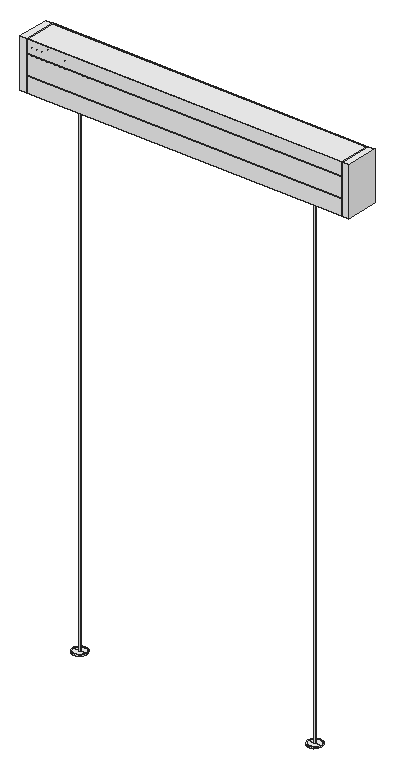
Revit family "2.3 inch  MAGIC WALL WASH LINEAR LIGHT", category Lighting Fixtures, host Face, Revit 2020 (continued)
Types (17): name | Wattage Comments | Wattage | Wall Mount | Suspenders Distance | Surface Mount | Recessed Mount | Photometric Web File | Pendent Mount | Order number | built-in parameter 1150142 | Model | built-in parameter 1150105 | Lumens | Light Source Height | Light Source Distance | built-in parameter 1150106 | Fixture Length
    951.30   \r\n 938.62   926.04   913.42   900.83   888.35   876.37   864.53   852.78   841.41   830.14   \r\n 819.06   808.41   797.83   787.39   777.13   766.95   756.92   747.08   737.30   727.84   \r\n 718.70   709.63   700.52   691.34   681.99   671.53   661.38   651.29   641.29   631.40   \r\n 621.61   611.88   602.18   592.58   583.18   574.22   565.32   556.50   547.71   539.00   \r\n 530.35   521.79   513.31   504.91   496.57   488.25   480.00   471.82   464.20   456.65   \r\n 449.17   441.56   433.83   426.17   418.58   410.89   402.70   394.58   386.51   378.41   \r\n 370.38   362.42   354.54   346.72   338.96   331.28   323.68   316.17   308.72   301.32   \r\n 293.99   286.76   279.60   272.50   265.46   258.50   251.62   244.79   238.00   231.27   \r\n 224.53   217.79   211.11   204.48   197.90   191.38   184.96   178.62   172.31   166.03   \r\n 159.79   153.58   147.40   141.22   135.07   128.96   122.89   116.84   110.83   104.85   \r\n 98.89    93.70    89.14    84.60    80.07    75.56    71.06    66.57    62.10    57.64    \r\n 53.18    48.74    44.31    39.88    35.46    31.04    26.63    22.22    17.81    13.40    \r\n 9.00     8.57     8.15     7.72     7.29     6.87     6.44     6.01     5.59     5.17     \r\n 4.74     4.32     3.90     3.48     3.07     2.66     2.25     1.84     1.43     1.03     \r\n 0.83     0.87     0.91     0.95     0.98     1.02     1.06     1.10     1.14     1.18     \r\n 1.22     1.26     1.30     1.34     1.38     1.42     1.46     1.51     1.55     1.59     \r\n 1.63     1.68     1.72     1.77     1.81     1.86     1.90     1.94     1.99     2.03     \r\n 2.08     2.12     2.17     2.22     2.27     2.32     2.37     2.42     2.47     2.51     \r\n 2.56     2.60     2.65     2.70     2.75     2.79     2.84     2.89     2.93     2.98     \r\n 3.02     3.06     3.11     3.15     3.20     3.24     3.29     3.33     3.37     3.41     \r\n 3.46     3.50     3.54     3.58     3.63     3.67     3.71     3.75     3.79     3.83     \r\n 3.87     3.90     3.94     3.98     4.02     4.06     4.09     4.12     4.14     4.16     \r\n 4.18     4.20     4.22     4.24     4.26     4.28     4.30     4.32     4.33     4.35     \r\n 4.36     4.38     4.39     4.40     4.42     4.43     4.45     4.46     4.47     4.49     \r\n 4.50     4.52     4.53     4.54     4.56     4.57     4.58     4.59     4.61     4.62     \r\n 4.63     4.64     4.65     4.66     4.67     4.67     4.67     4.66     4.66     4.65     \r\n 4.64     4.64     4.63     4.62     4.61     4.60     4.59     4.58     4.57     4.56     \r\n 4.55     4.54     4.53     4.52     4.50     4.49     4.47     4.46     4.45     4.44     \r\n 4.42     4.41     4.39     4.37     4.35     4.34     4.32     4.31     4.29     4.26     \r\n 4.24     4.23     4.21     4.20     4.18     4.16     4.13     4.10     4.07     4.05     \r\n 4.26     \r\n1793.11  1780.58  1768.10  1755.09  1741.65  1728.26  1714.93  1701.59  1688.22  1674.87  \r\n 1661.48  1647.83  1634.16  1619.92  1605.57  1591.06  1576.19  1561.39  1546.00  1530.57  \r\n 1515.10  1499.55  1484.07  1468.03  1452.05  1436.17  1420.32  1404.45  1388.13  1371.88  \r\n 1355.44  1338.85  1322.29  1305.64  1289.01  1272.86  1256.99  1241.15  1225.34  1209.58  \r\n 1194.54  1179.83  1165.07  1150.21  1135.42  1121.40  1107.76  1094.15  1080.57  1066.99  \r\n 1054.44  1039.77  1024.86  1009.61  994.49   980.22   966.58   953.04   939.35   925.76   \r\n 912.59   899.87   887.22   874.79   862.48   850.45   838.94   827.50   816.26   805.14   \r\n 794.11   783.39   772.75   762.41   752.46   742.58   732.67   722.77   712.95   703.42   \r\n 693.99   684.74   675.70   666.71   657.69   648.69   639.73   631.38   623.16   615.00   \r\n 606.86   597.86   588.36   578.89   569.51   560.26   551.14   542.09   533.35   524.91   \r\n 516.53   508.00   499.37   490.81   482.62   474.67   466.79   458.86   450.89   443.02   \r\n 435.29   427.72   420.20   412.73   405.35   398.03   390.79   383.64   376.55   369.53   \r\n 362.72   355.36   347.72   340.10   332.40   324.76   317.20   309.85   302.68   295.57   \r\n 288.52   281.38   274.26   267.21   260.23   253.40   246.66   239.98   233.37   226.83   \r\n 220.37   213.96   207.62   201.34   194.97   188.59   182.28   176.02   169.82   163.68   \r\n 157.59   151.56   145.58   139.64   133.75   127.94   122.18   116.44   110.73   105.04   \r\n 99.38    93.74    88.12    83.09    78.70    74.32    69.96    65.62    61.29    56.97    \r\n 52.66    48.37    44.08    39.81    35.54    31.27    27.01    22.76    18.51    14.25    \r\n 10.00    9.46     8.92     8.38     7.84     7.30     6.76     6.22     5.69     5.15     \r\n 4.62     4.09     3.56     3.03     2.51     1.99     1.48     0.97     0.75     0.79     \r\n 0.82     0.86     0.90     0.93     0.97     1.01     1.04     1.08     1.12     1.16     \r\n 1.20     1.24     1.28     1.32     1.37     1.41     1.45     1.49     1.54     1.58     \r\n 1.63     1.67     1.71     1.76     1.80     1.85     1.89     1.94     1.98     2.03     \r\n 2.08     2.12     2.17     2.22     2.27     2.32     2.38     2.43     2.48     2.52     \r\n 2.57     2.61     2.66     2.70     2.75     2.80     2.85     2.89     2.94     2.99     \r\n 3.04     3.09     3.13     3.18     3.22     3.27     3.32     3.36     3.41     3.45     \r\n 3.50     3.54     3.59     3.63     3.68     3.72     3.77     3.81     3.86     3.90     \r\n 3.93     3.96     3.99     4.02     4.05     4.07     4.10     4.12     4.14     4.17     \r\n 4.20     4.22     4.25     4.27     4.29     4.30     4.33     4.35     4.37     4.39     \r\n 4.41     4.43     4.44     4.46     4.47     4.49     4.50     4.52     4.53     4.55     \r\n 4.56     4.57     4.59     4.60     4.61     4.63     4.64     4.66     4.67     4.68     \r\n 4.69     4.69     4.69     4.69     4.69     4.69     4.69     4.69     4.68     4.68     \r\n 4.67     4.66     4.66     4.65     4.64     4.63     4.62     4.61     4.60     4.59     \r\n 4.58     4.57     4.55     4.54     4.53     4.52     4.50     4.48     4.47     4.46     \r\n 4.45     4.43     4.41     4.40     4.38     4.36     4.34     4.32     4.31     4.28     \r\n 4.26     4.24     4.22     4.20     4.19     4.17     4.14     4.11     4.08     4.05     \r\n 4.26     \r\n1793.11  1780.02  1766.97  1753.21  1739.14  1725.13  1711.18  1697.21  1683.17  1669.17  \r\n 1654.96  1640.66  1625.96  1610.83  1595.65  1579.94  1564.28  1548.08  1531.78  1515.39  \r\n 1498.93  1482.39  1465.34  1448.36  1431.59  1414.86  1397.76  1380.40  1363.03  1345.39  \r\n 1327.79  1310.16  1292.53  1275.33  1258.47  1241.62  1224.76  1207.95  1192.30  1176.78  \r\n 1161.00  1145.03  1129.37  1114.82  1100.28  1085.88  1071.49  1057.80  1044.91  1032.03  \r\n 1018.85  1005.65  993.42   981.55   969.62   957.55   945.51   932.89   919.47   906.13   \r\n 892.89   879.89   867.62   855.43   843.44   831.56   819.86   808.43   797.07   786.35   \r\n 775.74   765.19   754.67   744.20   733.77   723.42   713.47   703.83   694.23   684.56   \r\n 674.92   665.65   656.67   647.75   638.95   630.18   621.42   612.67   603.96   595.48   \r\n 587.06   578.85   570.97   563.15   555.11   547.03   539.06   531.56   524.12   515.60   \r\n 506.73   497.93   489.61   481.42   473.26   465.03   456.86   448.79   440.81   432.91   \r\n 425.15   417.55   410.02   402.51   395.02   387.59   380.49   373.53   366.64   359.58   \r\n 352.52   345.52   338.69   331.97   325.31   318.72   312.21   305.63   298.39   291.36   \r\n 284.37   277.41   270.21   263.09   256.06   249.15   242.38   235.72   229.15   222.70   \r\n 216.30   209.97   203.70   197.53   191.45   185.43   179.48   173.60   167.73   161.77   \r\n 155.86   149.99   144.20   138.47   132.78   127.15   121.56   116.01   110.49   105.02   \r\n 99.59    94.20    88.85    83.53    78.25    73.26    69.02    64.79    60.58    56.39    \r\n 52.21    48.04    43.89    39.75    35.61    31.49    27.37    23.25    19.14    15.03    \r\n 10.92    10.24    9.55     8.87     8.18     7.50     6.82     6.14     5.46     4.78     \r\n 4.11     3.45     2.79     2.13     1.48     0.83     0.69     0.72     0.76     0.79     \r\n 0.83     0.86     0.90     0.94     0.97     1.01     1.04     1.08     1.12     1.16     \r\n 1.20     1.23     1.27     1.31     1.35     1.40     1.44     1.48     1.52     1.56     \r\n 1.61     1.65     1.70     1.74     1.79     1.83     1.88     1.93     1.98     2.02     \r\n 2.08     2.13     2.18     2.23     2.27     2.32     2.36     2.41     2.46     2.51     \r\n 2.55     2.60     2.65     2.70     2.76     2.81     2.86     2.92     2.97     3.02     \r\n 3.06     3.11     3.16     3.20     3.25     3.30     3.35     3.40     3.45     3.50     \r\n 3.55     3.60     3.64     3.68     3.72     3.75     3.78     3.81     3.85     3.88     \r\n 3.92     3.95     3.98     4.01     4.04     4.07     4.10     4.13     4.16     4.18     \r\n 4.21     4.23     4.26     4.28     4.31     4.33     4.36     4.39     4.41     4.42     \r\n 4.44     4.47     4.49     4.51     4.54     4.55     4.56     4.57     4.59     4.60     \r\n 4.62     4.63     4.64     4.66     4.67     4.67     4.68     4.68     4.69     4.69     \r\n 4.70     4.70     4.70     4.70     4.70     4.70     4.71     4.70     4.70     4.70     \r\n 4.69     4.69     4.68     4.67     4.67     4.66     4.65     4.64     4.62     4.61     \r\n 4.60     4.59     4.58     4.57     4.55     4.54     4.53     4.51     4.49     4.47     \r\n 4.46     4.45     4.43     4.42     4.40     4.37     4.35     4.34     4.32     4.30     \r\n 4.27     4.25     4.23     4.21     4.20     4.18     4.15     4.11     4.08     4.05     \r\n 4.26     \r\n1793.11  1779.55  1766.04  1751.65  1737.05  1722.54  1708.06  1693.54  1678.95  1664.35  \r\n 1649.53  1634.70  1618.93  1603.18  1586.91  1570.52  1553.77  1536.71  1519.60  1502.33  \r\n 1485.02  1467.09  1449.21  1431.69  1414.20  1396.14  1377.85  1359.47  1340.96  1322.47  \r\n 1303.99  1285.55  1267.83  1250.13  1232.38  1214.65  1197.85  1181.68  1165.20  1148.23  \r\n 1131.52  1116.19  1100.88  1085.81  1070.75  1056.56  1042.85  1029.14  1015.37  1001.79  \r\n 989.19   976.61   963.85   951.08   938.96   927.16   915.42   903.74   892.19   881.36   \r\n 870.56   859.93   849.34   839.02   828.87   818.49   807.28   796.11   785.09   774.11   \r\n 762.95   751.79   741.10   730.97   720.86   710.67   700.51   690.78   681.19   671.72   \r\n 662.39   653.09   643.75   634.46   625.38   616.38   607.59   599.10   590.65   582.06   \r\n 573.51   565.18   557.00   548.81   540.47   532.17   524.42   516.82   509.18   501.45   \r\n 493.76   486.18   478.65   471.22   463.89   456.61   449.38   442.19   434.80   427.09   \r\n 419.44   411.62   403.81   396.10   388.55   381.07   373.67   366.34   359.06   351.97   \r\n 344.97   338.02   331.02   324.06   317.13   310.24   303.38   296.73   290.23   283.79   \r\n 277.36   270.97   264.65   258.49   252.44   245.84   239.22   232.69   226.22   219.82   \r\n 213.45   207.16   200.94   194.75   188.62   182.53   176.48   170.48   164.53   158.63   \r\n 152.84   147.22   141.66   136.14   130.65   125.24   119.89   114.59   109.33   104.12   \r\n 98.94    93.82    88.74    83.72    78.74    73.80    68.91    64.05    59.88    55.78    \r\n 51.71    47.65    43.61    39.59    35.58    31.59    27.60    23.62    19.65    15.68    \r\n 11.71    10.83    9.95     9.08     8.20     7.33     6.46     5.59     4.73     3.87     \r\n 3.03     2.18     1.35     0.60     0.63     0.66     0.69     0.72     0.76     0.79     \r\n 0.83     0.86     0.90     0.93     0.97     1.00     1.03     1.07     1.11     1.15     \r\n 1.18     1.22     1.26     1.30     1.34     1.38     1.42     1.46     1.50     1.55     \r\n 1.59     1.63     1.68     1.73     1.78     1.82     1.87     1.92     1.96     2.01     \r\n 2.06     2.11     2.15     2.20     2.25     2.30     2.36     2.41     2.46     2.51     \r\n 2.56     2.62     2.67     2.72     2.77     2.82     2.87     2.93     2.98     3.03     \r\n 3.09     3.14     3.20     3.24     3.29     3.33     3.37     3.42     3.45     3.49     \r\n 3.52     3.56     3.61     3.65     3.68     3.72     3.75     3.79     3.83     3.86     \r\n 3.90     3.93     3.97     4.01     4.04     4.08     4.11     4.14     4.17     4.20     \r\n 4.23     4.26     4.28     4.31     4.33     4.36     4.38     4.41     4.43     4.46     \r\n 4.49     4.52     4.53     4.54     4.57     4.59     4.61     4.63     4.64     4.64     \r\n 4.64     4.65     4.66     4.67     4.68     4.68     4.69     4.69     4.70     4.70     \r\n 4.70     4.71     4.71     4.71     4.72     4.72     4.72     4.72     4.72     4.71     \r\n 4.71     4.70     4.70     4.69     4.68     4.68     4.67     4.66     4.65     4.63     \r\n 4.62     4.61     4.60     4.59     4.57     4.56     4.55     4.53     4.51     4.49     \r\n 4.47     4.46     4.45     4.43     4.41     4.39     4.37     4.35     4.33     4.31     \r\n 4.29     4.26     4.24     4.22     4.20     4.18     4.16     4.12     4.08     4.05     \r\n 4.26     \r\n1793.11  1779.19  1765.31  1750.42  1735.40  1720.50  1705.62  1690.63  1675.61  1660.49  \r\n 1645.25  1629.61  1613.30  1596.86  1579.85  1562.81  1545.13  1527.48  1509.56  1491.66  \r\n 1473.11  1454.47  1436.22  1418.12  1399.44  1380.37  1361.23  1341.97  1322.75  1303.58  \r\n 1284.54  1266.13  1247.73  1229.22  1210.73  1193.84  1177.15  1159.61  1141.82  1125.13  \r\n 1109.18  1093.40  1077.82  1062.59  1048.16  1033.80  1019.58  1005.36  992.16   978.98   \r\n 965.65   952.30   939.63   927.26   915.04   902.93   891.10   879.75   868.45   857.29   \r\n 846.19   835.65   825.11   814.93   804.82   795.00   785.29   775.40   765.36   755.66   \r\n 746.63   737.61   728.52   719.43   710.71   702.03   693.58   684.04   674.28   664.52   \r\n 654.88   645.41   636.03   627.02   618.04   609.11   600.19   591.36   582.59   573.79   \r\n 564.94   556.25   548.15   540.08   531.86   523.65   515.53   507.47   499.51   491.67   \r\n 483.86   476.04   468.26   460.79   453.44   446.06   438.63   431.25   424.02   416.84   \r\n 409.78   402.77   395.80   388.85   381.95   375.26   368.62   362.01   355.44   348.69   \r\n 341.52   334.38   327.17   319.97   312.84   305.93   299.07   292.24   285.48   278.79   \r\n 272.29   265.84   259.47   253.20   246.98   240.76   234.58   228.48   222.62   216.82   \r\n 211.09   205.36   199.72   193.58   187.37   181.23   175.15   169.10   163.13   157.24   \r\n 151.50   145.88   140.33   134.85   129.41   124.03   118.72   113.49   108.38   103.29   \r\n 98.27    93.31    88.39    83.53    78.73    73.99    69.30    64.67    60.09    55.55    \r\n 51.28    47.31    43.37    39.45    35.55    31.66    27.79    23.93    20.08    16.23    \r\n 12.39    11.24    10.08    8.93     7.79     6.64     5.51     4.38     3.27     2.17     \r\n 1.08     0.58     0.60     0.63     0.66     0.68     0.71     0.74     0.77     0.80     \r\n 0.83     0.86     0.89     0.93     0.96     0.99     1.03     1.06     1.10     1.13     \r\n 1.17     1.21     1.24     1.28     1.32     1.36     1.41     1.45     1.49     1.54     \r\n 1.58     1.63     1.67     1.72     1.76     1.81     1.86     1.91     1.96     2.01     \r\n 2.06     2.11     2.16     2.21     2.26     2.32     2.37     2.42     2.47     2.52     \r\n 2.58     2.64     2.68     2.73     2.77     2.82     2.87     2.91     2.96     3.01     \r\n 3.05     3.10     3.14     3.18     3.23     3.27     3.32     3.37     3.41     3.46     \r\n 3.50     3.55     3.60     3.64     3.67     3.71     3.75     3.80     3.83     3.87     \r\n 3.90     3.94     3.97     4.01     4.05     4.08     4.12     4.16     4.20     4.23     \r\n 4.26     4.29     4.32     4.34     4.37     4.40     4.42     4.44     4.46     4.48     \r\n 4.50     4.52     4.54     4.56     4.58     4.59     4.60     4.62     4.64     4.66     \r\n 4.67     4.67     4.67     4.68     4.69     4.69     4.70     4.70     4.71     4.71     \r\n 4.71     4.72     4.72     4.72     4.73     4.73     4.73     4.73     4.73     4.73     \r\n 4.72     4.72     4.71     4.70     4.70     4.69     4.68     4.68     4.67     4.66     \r\n 4.64     4.63     4.62     4.60     4.59 
